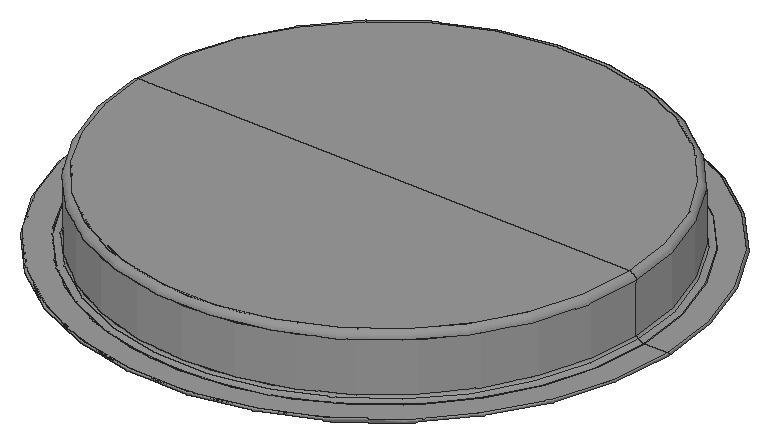
Revit family "MIA12_63_UN_Downlighter_ETK", category Lighting Fixtures, Revit 2017 (continued)
Definition of nested family "MIA.1 - Lightsource"
  Types (8, lengths in mm): name | Wattage | built-in parameter 1150134 | Photometric Web File | built-in parameter 1150142 | built-in parameter 1150105 | Lumens | built-in parameter 1150107 | built-in parameter 1150106
    MIA.1213.25/35 -  Ø180 / 10W / 1000lm / 3000K | 6.7321 W | (empty or 0) | "MIA.1213.25_LDT.ies" | "IESNA91\r\n[MANUFAC]  www.etk.nl\r\n[LUMCAT] MIA.1213.25\r\n[LUMINAIRE] MIA.1 LED 10W 3000K ø180 1000Lm alu  Dimbaar DALI\r\n[LAMP] LED\r\n[CHANGED] this file converted to 'ies' from 'ldt' by IES Viewer v2.99n    (C) Andrey Legotin\r\nTILT=NONE\r\n1 1000 1 181 24 1 2 0 -0.16 0\r\n1 1 10\r\n0 1 2 3 4 5 6 7 8 9 10 11 12 13 14 15 16 17 18 19 20 21 22 \r\n23 24 25 26 27 28 29 30 31 32 33 34 35 36 37 38 39 40 41 42 \r\n43 44 45 46 47 48 49 50 51 52 53 54 55 56 57 58 59 60 61 62 \r\n63 64 65 66 67 68 69 70 71 72 73 74 75 76 77 78 79 80 81 82 \r\n83 84 85 86 87 88 89 90 91 92 93 94 95 96 97 98 99 100 101 \r\n102 103 104 105 106 107 108 109 110 111 112 113 114 115 116 \r\n117 118 119 120 121 122 123 124 125 126 127 128 129 130 131 \r\n132 133 134 135 136 137 138 139 140 141 142 143 144 145 146 \r\n147 148 149 150 151 152 153 154 155 156 157 158 159 160 161 \r\n162 163 164 165 166 167 168 169 170 171 172 173 174 175 176 \r\n177 178 179 180 \r\n0 15 30 45 60 75 90 105 120 135 150 165 180 195 210 225 240 \r\n255 270 285 300 315 330 345 \r\n346.7666 346.96 346.9237 346.8029 346.1864 346.1139 \r\n345.4611 344.9293 344.1073 343.7931 342.8381 341.5206 \r\n340.2635 338.6317 336.9394 334.9934 332.5879 331.4638 \r\n329.7474 327.3661 325.1541 322.652 320.5125 317.95 314.9523 \r\n312.4018 309.4524 306.3459 303.0098 300.0121 296.9539 \r\n293.2189 289.5322 285.8697 282.0742 278.2546 274.6283 \r\n270.7845 266.8198 262.4199 258.3706 253.9466 249.5588 \r\n245.2315 240.2393 235.6219 230.9924 226.387 222.0839 \r\n216.6203 211.3381 206.5031 201.3659 196.3858 190.9223 \r\n185.8334 180.3941 175.0635 169.6483 163.8342 159.0112 \r\n153.318 147.4193 142.0525 136.4559 130.8473 125.0695 \r\n119.3884 113.7314 108.0865 102.4417 96.9298 91.3212 85.5675 \r\n80.1402 74.6283 69.1285 63.4715 58.1651 52.7257 47.3951 \r\n42.2217 37.0241 31.9231 26.8343 21.8421 16.9588 12.1721 \r\n7.5063 3.1911 0.7857 0.133 0.1209 0.1209 0.1209 0.1209 \r\n0.1209 0.1209 0.1209 0.1209 0.1209 0.133 0.1451 0.1571 \r\n0.1571 0.1692 0.1692 0.1813 0.1813 0.2055 0.2055 0.2176 \r\n0.2297 0.2418 0.2538 0.2659 0.2659 0.278 0.278 0.2901 \r\n0.3022 0.3264 0.3264 0.3143 0.3264 0.3385 0.3505 0.3505 \r\n0.3626 0.3747 0.3868 0.3868 0.3989 0.411 0.411 0.411 0.4352 \r\n0.4352 0.4352 0.4472 0.4472 0.4593 0.4714 0.4714 0.4835 \r\n0.4956 0.4956 0.4956 0.5077 0.5077 0.5077 0.5077 0.5198 \r\n0.5198 0.5198 0.5319 0.5319 0.5319 0.5319 0.5319 0.5319 \r\n0.5319 0.5319 0.5319 0.5319 0.5319 0.5319 0.556 0.556 0.556 \r\n0.556 0.6044 0.6165 0.6406 0.6406 0.6527 0.6527 0.6527 \r\n0.6527 0.6527 0.6406 \r\n348.3742 347.7578 349.2083 348.2413 348.0962 346.9842 \r\n346.5248 345.9084 346.0172 344.8326 343.6964 343.6722 \r\n341.0734 340.3119 338.2812 336.3472 334.5582 332.9868 \r\n331.1374 328.3936 327.2936 324.5739 321.3828 319.6059 \r\n316.4632 313.7314 311.4469 307.7602 305.0526 301.9098 \r\n298.6341 295.1287 291.7442 287.7674 284.5401 280.5633 \r\n276.9733 273.3954 269.0801 264.6924 260.6551 256.6421 \r\n252.1818 247.1776 243.092 238.535 234.0868 229.3122 \r\n224.4772 218.8807 213.2842 207.6877 202.5867 197.6067 \r\n192.7958 187.5378 181.9413 176.3447 170.8933 165.466 \r\n160.0266 154.6356 149.0632 143.4667 137.9669 132.455 \r\n126.931 120.7784 115.1698 109.6337 103.9768 98.2594 92.5299 \r\n86.9213 81.4094 75.9579 70.3856 64.9462 59.4585 54.14 \r\n48.7731 43.503 38.2086 33.0835 28.0189 23.063 18.0708 \r\n13.1875 8.4854 3.9889 1.1483 0.0967 0.0967 0.1088 0.1088 \r\n0.1088 0.1209 0.1209 0.1209 0.133 0.1451 0.1571 0.1692 \r\n0.1692 0.1813 0.1934 0.1934 0.2055 0.2176 0.2297 0.2297 \r\n0.2418 0.2538 0.2659 0.278 0.278 0.2901 0.3022 0.3143 \r\n0.3264 0.3264 0.3385 0.3505 0.3626 0.3626 0.3626 0.3747 \r\n0.3868 0.3989 0.3989 0.411 0.4231 0.4231 0.4352 0.4352 \r\n0.4472 0.4593 0.4593 0.4714 0.4714 0.4835 0.4956 0.5077 \r\n0.5077 0.5077 0.5077 0.5077 0.5319 0.5319 0.5319 0.5319 \r\n0.5319 0.5319 0.5319 0.5319 0.5319 0.5319 0.5439 0.5439 \r\n0.5439 0.5439 0.5439 0.5439 0.5439 0.556 0.556 0.556 0.5681 \r\n0.5681 0.5802 0.6044 0.6044 0.6165 0.6165 0.6165 0.6286 \r\n0.6286 0.6406 0.6286 0.6286 0.6406 \r\n347.794 348.1083 348.0479 347.7336 347.5402 347.6973 \r\n346.8512 346.0293 345.7512 344.5667 343.7326 342.5964 \r\n341.2426 340.0218 338.5229 336.9394 335.0538 333.4341 \r\n331.5363 329.2518 327.5837 324.719 322.2048 319.896 \r\n317.1401 313.816 311.193 308.3887 305.3427 301.8494 \r\n298.8396 295.2133 291.297 288.263 284.528 280.6237 276.6348 \r\n273.1415 269.4669 265.466 260.3409 256.5333 251.7104 \r\n247.0809 242.8865 238.8372 234.2198 228.9617 224.2717 \r\n219.2917 213.9369 209.2711 204.5207 198.9121 193.6178 \r\n188.5289 183.2346 177.3722 172.1383 166.6747 161.1749 \r\n156.1102 150.2115 144.5546 138.8614 133.3495 127.9101 \r\n121.9872 116.4511 110.7579 105.0647 99.3714 93.9562 88.3476 \r\n82.8357 77.1909 71.6306 66.1187 60.776 55.2037 49.7885 \r\n44.5908 39.3086 34.0868 28.9738 23.9333 18.9532 14.1182 \r\n9.3074 4.7625 1.4747 0.133 0.1209 0.1209 0.1209 0.1209 \r\n0.1209 0.1209 0.1209 0.1209 0.1209 0.1209 0.1451 0.1571 \r\n0.1571 0.1571 0.1692 0.1813 0.1934 0.2055 0.2055 0.2176 \r\n0.2297 0.2418 0.2418 0.2538 0.2659 0.278 0.278 0.2901 \r\n0.3022 0.3143 0.3264 0.3264 0.3264 0.3264 0.3385 0.3505 \r\n0.3626 0.3626 0.3868 0.3868 0.3989 0.3989 0.411 0.411 \r\n0.4352 0.4352 0.4352 0.4472 0.4472 0.4593 0.4714 0.4714 \r\n0.4835 0.4956 0.4956 0.5077 0.5077 0.5077 0.5077 0.5077 \r\n0.5198 0.5198 0.5319 0.5319 0.5319 0.5319 0.5319 0.5319 \r\n0.5439 0.5439 0.5439 0.5439 0.5439 0.5439 0.5439 0.556 \r\n0.556 0.556 0.5681 0.6044 0.6286 0.6406 0.6527 0.6648 \r\n0.6648 0.6769 0.6769 0.6648 0.6406 \r\n346.5369 347.8666 347.2017 346.4161 346.3798 346.4886 \r\n346.3677 345.8359 344.8205 344.7963 343.5755 342.0887 \r\n340.88 339.6591 338.8009 337.701 334.9208 332.9868 330.8594 \r\n328.865 327.487 324.2355 322.3861 319.6422 317.539 315.1819 \r\n311.2897 308.0019 304.7504 302.3087 299.166 295.999 \r\n292.2761 289.0971 285.7367 281.8808 277.7106 274.0602 \r\n269.89 265.7198 261.6826 257.0893 252.762 249.2929 244.0832 \r\n239.4416 234.7758 230.1946 225.553 220.0169 214.4688 \r\n208.9448 204.0977 199.0209 193.8595 188.6136 182.9929 \r\n177.6744 172.38 166.8923 161.465 156.1465 150.5137 144.893 \r\n139.369 133.7121 127.6804 122.3136 116.7533 111.0963 \r\n105.5482 99.7462 94.1376 88.4564 82.9808 77.3963 71.7515 \r\n66.4209 60.8365 55.6388 50.1511 44.8205 39.5383 34.4978 \r\n29.3485 24.3201 19.2917 14.36 9.6821 5.0284 1.5956 0.1088 \r\n0.0967 0.1088 0.1088 0.1209 0.1209 0.1209 0.133 0.1451 \r\n0.1451 0.1571 0.1571 0.1813 0.1813 0.1934 0.1934 0.2055 \r\n0.2176 0.2297 0.2418 0.2418 0.2538 0.2659 0.278 0.2901 \r\n0.2901 0.3143 0.3143 0.3264 0.3385 0.3385 0.3505 0.3626 \r\n0.3626 0.3747 0.3747 0.3868 0.3868 0.3989 0.411 0.4231 \r\n0.4231 0.4231 0.4352 0.4352 0.4352 0.4472 0.4593 0.4593 \r\n0.4714 0.4835 0.4956 0.5077 0.5077 0.5077 0.5198 0.5198 \r\n0.5198 0.5198 0.5198 0.5198 0.5198 0.5319 0.5319 0.5319 \r\n0.5319 0.5319 0.5319 0.5319 0.5439 0.5439 0.5439 0.5439 \r\n0.556 0.556 0.5681 0.5681 0.5802 0.5923 0.6044 0.6044 \r\n0.6165 0.6165 0.6286 0.6286 0.6406 0.6406 0.6406 0.6406 \r\n0.6406 \r\n347.0688 347.5402 348.0358 348.3501 348.2413 347.1655 \r\n346.7787 347.2259 345.8721 345.0381 343.9744 342.3788 \r\n341.3514 339.6229 338.7526 337.3142 335.1988 333.0956 \r\n330.8836 329.0221 327.1123 324.7069 322.2168 319.1708 \r\n317.1401 314.5655 311.3139 308.7151 305.3669 302.212 \r\n299.2747 295.5397 291.986 288.6377 284.9631 280.9017 \r\n277.348 273.5646 269.7208 265.611 261.1024 256.9201 \r\n252.4115 247.6611 243.2733 238.8734 233.7363 229.3606 \r\n224.586 219.3279 214.6863 209.5975 204.6416 199.3714 \r\n194.4035 189.0487 183.4159 178.1458 172.7306 166.9527 \r\n161.6584 156.2553 150.6829 145.0502 139.4778 133.8813 \r\n128.321 122.5553 117.1401 111.4469 105.7416 100.0363 \r\n94.3914 88.5894 83.1863 77.6139 72.0053 66.6143 60.9573 \r\n55.663 50.3324 45.0018 39.8163 34.5703 29.4331 24.4168 \r\n19.4246 14.5413 9.7667 5.1735 1.6439 0.1692 0.1209 0.1088 \r\n0.1088 0.1088 0.1088 0.1088 0.1088 0.1088 0.1209 0.1209 \r\n0.1451 0.1451 0.1571 0.1571 0.1692 0.1813 0.1813 0.2055 \r\n0.2176 0.2176 0.2297 0.2297 0.2418 0.2538 0.2659 0.278 \r\n0.278 0.2901 0.3022 0.3264 0.3264 0.3264 0.3264 0.3385 \r\n0.3505 0.3505 0.3626 0.3747 0.3747 0.3868 0.3989 0.411 \r\n0.411 0.411 0.4352 0.4352 0.4472 0.4352 0.4352 0.4472 \r\n0.4472 0.4593 0.4593 0.4714 0.4714 0.4956 0.4956 0.5077 \r\n0.5077 0.5077 0.5198 0.5198 0.5198 0.5319 0.5319 0.5319 \r\n0.5319 0.5319 0.5319 0.5319 0.5319 0.5319 0.5319 0.5439 \r\n0.5439 0.5439 0.556 0.556 0.5681 0.6044 0.6286 0.6406 \r\n0.6527 0.6648 0.6769 0.6769 0.6769 0.6648 0.6406 \r\n347.794 348.1687 348.2654 347.4677 348.2171 347.238 \r\n347.3105 347.3105 345.6425 345.0743 343.9502 343.2975 \r\n341.9074 340.1185 338.7888 337.3504 335.7186 333.7 331.633 \r\n329.8078 327.7408 325.0453 322.7124 320.0894 317.5632 \r\n314.3962 312.3414 308.5459 305.8262 302.3329 299.7824 \r\n296.3133 293.0134 289.4597 285.4345 281.9896 277.904 \r\n274.4712 270.3493 266.6022 262.2628 257.6695 253.1125 \r\n248.8577 244.6392 239.8888 235.3197 230.3759 225.8189 \r\n220.2708 214.7226 209.1744 203.9043 198.9605 193.8716 \r\n188.6015 183.2588 177.7832 172.3438 167.0615 161.5134 \r\n155.9289 150.3203 144.5788 139.1394 133.4462 127.8134 \r\n122.1322 116.4995 110.7579 105.1855 99.6374 93.92 88.3114 \r\n82.7874 76.9491 71.3889 66.0703 60.5584 55.2158 49.8852 \r\n44.5304 39.2723 34.0505 28.9496 23.9454 18.929 14.1061 \r\n9.3557 4.7625 1.4505 0.1088 0.1088 0.1088 0.1088 0.1209 \r\n0.1209 0.1209 0.133 0.1451 0.1571 0.1571 0.1692 0.1813 \r\n0.1813 0.1934 0.2055 0.2176 0.2176 0.2297 0.2418 0.2538 \r\n0.2659 0.2659 0.278 0.2901 0.3022 0.3143 0.3264 0.3264 \r\n0.3385 0.3505 0.3505 0.3626 0.3626 0.3747 0.3747 0.3989 \r\n0.3989 0.411 0.4231 0.4352 0.4352 0.4352 0.4472 0.4472 \r\n0.4593 0.4714 0.4714 0.4835 0.4835 0.4956 0.5077 0.5077 \r\n0.5077 0.5198 0.5077 0.5198 0.5198 0.5319 0.5319 0.5319 \r\n0.5319 0.5319 0.5319 0.5319 0.5319 0.5319 0.5319 0.5439 \r\n0.5439 0.5439 0.5439 0.556 0.556 0.5681 0.5681 0.5802 \r\n0.5802 0.5923 0.6044 0.6165 0.6286 0.6286 0.6406 0.6406 \r\n0.6527 0.6648 0.6527 0.6527 0.6406 \r\n347.4918 347.4556 347.0325 346.9842 346.5611 346.2589 \r\n344.7842 343.3579 342.959 342.2338 341.025 339.9613 \r\n338.6438 336.9515 335.1868 333.3253 331.5363 329.699 \r\n327.4387 324.586 322.0355 320.3554 317.6599 314.3962 \r\n312.1963 309.1502 306.08 302.9494 299.6011 296.7243 \r\n293.6299 289.7256 286.0389 282.8841 279.4029 275.3656 \r\n271.7877 267.5571 263.3627 259.2893 254.8773 250.9489 \r\n246.3314 242.0283 237.4109 232.9626 228.3694 223.6553 \r\n218.2401 212.8128 207.3855 202.0065 197.5946 192.1794 \r\n187.2235 182.1709 176.8645 171.6548 166.5297 161.054 \r\n155.4938 150.0665 144.8447 139.5141 133.8692 128.1035 \r\n122.7004 117.1643 111.7853 106.2976 100.8703 95.3705 \r\n89.9553 84.5038 79.2457 73.6976 68.2098 63.0726 57.7058 \r\n52.5565 47.3589 42.3426 37.3021 32.3462 27.4628 22.6278 \r\n17.9016 13.1996 8.6667 4.2669 1.2571 0.0484 0.0604 0.0604 \r\n0.0725 0.0604 0.0725 0.0846 0.0846 0.0967 0.0967 0.1088 \r\n0.1209 0.1209 0.133 0.1451 0.1451 0.1571 0.1692 0.1813 \r\n0.1813 0.1934 0.2055 0.2055 0.2176 0.2297 0.2418 0.2418 \r\n0.2538 0.2538 0.2659 0.278 0.278 0.2901 0.3022 0.3022 \r\n0.3143 0.3143 0.3264 0.3264 0.3385 0.3505 0.3626 0.3626 \r\n0.3626 0.3747 0.3747 0.3868 0.3989 0.411 0.411 0.4231 \r\n0.4352 0.4352 0.4472 0.4472 0.4593 0.4593 0.4714 0.4714 \r\n0.4714 0.4835 0.4835 0.4956 0.4835 0.4956 0.5077 0.5077 \r\n0.5319 0.5319 0.5439 0.5439 0.556 0.5681 0.5802 0.5802 \r\n0.5923 0.6044 0.6165 0.6165 0.6165 0.6286 0.6286 0.6286 \r\n0.6406 0.6406 0.6406 0.6406 0.6406 0.6406 0.6406 \r\n348.6764 348.9907 348.3863 347.516 346.8029 346.4886 \r\n345.8359 345.0864 344.0348 342.8986 341.6173 340.3239 \r\n339.3449 337.2295 335.2955 333.3132 331.6814 329.3122 \r\n327.7408 325.4321 322.7487 320.4883 318.2159 315.6896 \r\n312.2809 309.3557 306.6965 303.8317 300.0242 296.5551 \r\n292.7475 289.6531 285.8697 282.5819 278.4117 274.9547 \r\n271.413 267.3758 263.121 258.6486 254.2367 249.9819 \r\n245.3282 240.5173 236.1779 231.8869 226.8101 222.1806 \r\n217.3456 212.4501 207.6756 202.5746 197.6188 192.1552 \r\n187.1026 182.1105 176.8766 171.5218 166.1912 160.5222 \r\n155.5663 149.8489 144.204 138.7767 133.2165 127.7167 \r\n122.096 116.717 111.2172 105.7053 100.2055 94.6211 89.2784 \r\n83.8511 78.3392 72.9844 67.5209 62.2749 56.9564 51.928 \r\n46.6699 41.569 36.5043 31.4517 26.6892 21.818 16.9588 \r\n12.3776 7.8206 3.5537 0.9428 0.0967 0.0725 0.0725 0.0725 \r\n0.0725 0.0725 0.0725 0.0725 0.0725 0.0846 0.0967 0.0967 \r\n0.0967 0.1088 0.1209 0.133 0.133 0.1451 0.1571 0.1571 \r\n0.1692 0.1813 0.1813 0.1934 0.2055 0.2176 0.2176 0.2297 \r\n0.2418 0.2418 0.2538 0.2659 0.2659 0.278 0.278 0.2901 \r\n0.2901 0.3022 0.3143 0.3143 0.3264 0.3264 0.3385 0.3385 \r\n0.3505 0.3505 0.3626 0.3626 0.3868 0.3868 0.3989 0.3989 \r\n0.411 0.4231 0.4231 0.4472 0.4352 0.4352 0.4472 0.4472 \r\n0.4472 0.4472 0.4593 0.4593 0.4593 0.4714 0.4956 0.4956 \r\n0.5077 0.5077 0.5198 0.5319 0.5439 0.556 0.556 0.5681 \r\n0.5681 0.5802 0.5923 0.6286 0.6286 0.6406 0.6406 0.6527 \r\n0.6648 0.6648 0.6648 0.6648 0.6406 0.6406 \r\n347.5281 347.5281 347.8424 347.9391 347.4677 346.3677 \r\n346.5853 345.2798 343.7326 342.5118 341.4723 339.8525 \r\n338.5592 336.746 335.0659 333.6396 331.2704 329.421 \r\n326.5925 325.1541 322.7971 320.4762 317.6236 314.7589 \r\n311.5919 308.5338 305.8866 302.5867 299.5286 295.9869 \r\n292.9288 289.1092 285.4829 281.9171 278.2787 274.314 \r\n270.2526 265.9857 262.3957 258.0322 254.2971 248.894 \r\n244.9414 240.2514 235.8153 231.0045 226.4717 221.1531 \r\n215.8346 210.5161 205.669 200.8824 195.3584 190.5113 \r\n185.3983 180.3941 174.5558 169.5999 164.3297 158.9871 \r\n153.5114 147.9512 142.4876 137.0966 131.5001 125.9761 \r\n120.4883 114.8918 109.6217 103.9647 98.5737 93.1464 87.5378 \r\n82.2072 76.8766 71.3647 66.0462 60.8365 55.5663 50.3445 \r\n45.2315 40.1668 35.0296 30.0616 25.2508 20.4279 15.7863 \r\n11.1205 6.6119 2.5505 0.4835 0.0484 0.0484 0.0604 0.0604 \r\n0.0725 0.0725 0.0846 0.0846 0.0967 0.0967 0.1088 0.1209 \r\n0.1209 0.133 0.1451 0.1571 0.1571 0.1692 0.1813 0.1934 \r\n0.1934 0.2055 0.2055 0.2176 0.2297 0.2418 0.2418 0.2538 \r\n0.2538 0.2659 0.278 0.278 0.2901 0.2901 0.3022 0.3143 \r\n0.3143 0.3264 0.3264 0.3385 0.3385 0.3505 0.3505 0.3626 \r\n0.3626 0.3747 0.3868 0.3989 0.3989 0.411 0.4231 0.4231 \r\n0.4352 0.4472 0.4472 0.4593 0.4593 0.4593 0.4714 0.4714 \r\n0.4714 0.4714 0.4835 0.4835 0.4956 0.5077 0.5077 0.5198 \r\n0.5319 0.5439 0.5439 0.556 0.5681 0.5681 0.5802 0.5923 \r\n0.6044 0.6165 0.6165 0.6165 0.6165 0.6286 0.6286 0.6286 \r\n0.6286 0.6406 0.6286 0.6286 0.6286 0.6406 \r\n348.1083 347.3105 346.5974 346.4886 346.5248 345.9205 \r\n345.026 343.926 343.5876 342.0404 340.1064 339.2723 \r\n337.3625 336.1658 333.7121 331.9836 330.4243 328.0672 \r\n325.8552 323.2685 320.8872 317.9258 315.3753 312.5831 \r\n309.4162 306.7569 303.723 300.9187 297.9814 294.198 \r\n290.5838 286.9455 283.5247 279.693 276.1634 272.0658 \r\n268.0527 264.1605 259.8332 255.3487 250.961 246.7666 \r\n242.1733 238.124 233.6275 228.7562 223.752 218.8928 214.082 \r\n209.3557 204.5086 199.7099 194.4639 189.0608 183.6819 \r\n178.7622 173.1778 168.0527 162.7705 157.2344 151.9038 \r\n146.3556 140.9767 135.2714 130.1342 124.7311 119.1708 \r\n113.5138 108.014 102.5384 97.2803 91.708 86.1598 80.805 \r\n75.3052 69.9142 64.5473 59.3618 54.0916 49.0149 43.8051 \r\n38.8493 33.8088 28.8045 24.0421 19.2796 14.5534 9.8634 \r\n5.4756 1.8252 0.1813 0.0725 0.0725 0.0725 0.0725 0.0725 \r\n0.0725 0.0725 0.0725 0.0725 0.0967 0.0967 0.0967 0.0967 \r\n0.1088 0.1209 0.133 0.1451 0.1571 0.1571 0.1571 0.1692 \r\n0.1813 0.1813 0.2055 0.2055 0.2176 0.2176 0.2297 0.2418 \r\n0.2418 0.2538 0.2659 0.2659 0.2659 0.278 0.278 0.2901 \r\n0.3022 0.3143 0.3143 0.3264 0.3264 0.3264 0.3385 0.3385 \r\n0.3505 0.3626 0.3747 0.3868 0.3868 0.3989 0.3989 0.3989 \r\n0.411 0.4231 0.4352 0.4352 0.4472 0.4352 0.4472 0.4472 \r\n0.4472 0.4593 0.4593 0.4593 0.4714 0.4835 0.4835 0.4956 \r\n0.5077 0.5198 0.5198 0.5439 0.556 0.556 0.556 0.5681 0.5681 \r\n0.5923 0.6165 0.6286 0.6286 0.6286 0.6406 0.6406 0.6527 \r\n0.6527 0.6527 0.6406 0.6406 \r\n347.5765 347.3105 347.1534 347.0688 346.2589 345.2798 \r\n344.7963 343.8172 342.7535 341.6415 340.058 339.0548 \r\n337.1812 335.1505 333.2648 331.3913 329.4331 326.9552 \r\n324.9365 32
